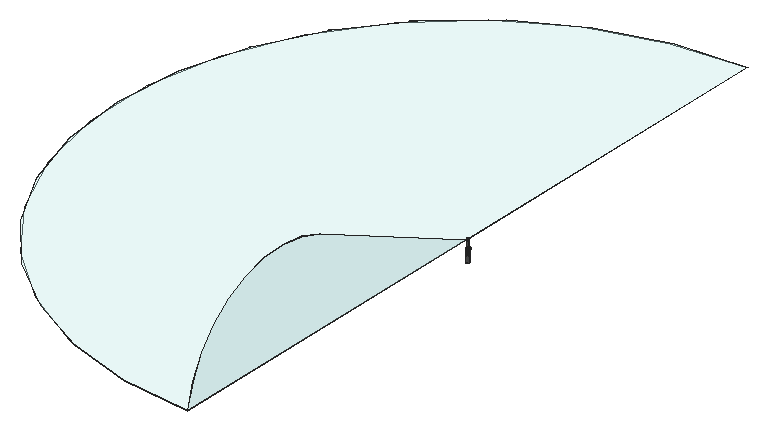
Revit family "Rotor 3500 Series - 3504PCSAM", category Acessórios do tubo, Revit 2020
Family settings
  Cota do conector redondo = Utilizar diâmetro
  Tipo de parte = Normal
  Número OmniClass = 23.60.30.11.14
  Título OmniClass = Pipework Fittings
  Com base no plano de trabalho = Não
  Sempre na vertical = Sim
  Corte com vazios quando carregada = Não
  Compartilhado = Não
Parameters (values of type "Nozzle 0.75")
  Water = Water
  URL = "https://www.rainbird.com/"
  TABLE PRESSURE = "Press."
  TABLE 55 = "TABLE 55psi"
  TABLE 45 = "TABLE 45psi"
  TABLE 35 = "TABLE 35psi"
  TABLE 25 = "TABLE 25psi"
  SupportProjetos: Reviw Date = ""  # constant formula
  SupportProjetos: Reviw = "R00"  # constant formula
  SupportProjetos: Level of Detail = "LOD 300"  # constant formula
  SupportProjetos: Developed = "MICHEL SOARES MOTA"  # constant formula
  SupportProjetos: Creation Date = "06/08/2020"  # constant formula
  Side inlet = no
  Rotation Water Visibility [instance] = Pop up on  # yes
  Rotation Angle [instance] = 180.00°
  RainBird: Product Link = "https://www.rainbird.com/"
  RainBird: Description = "3504PCSAM: 4 Rotor"  # constant formula
  RainBird: Comment [instance] = ""
  RainBird: Code = "Y34500"  # constant formula
  Radius [instance] = if(Instance = 1, size_lookup(TABLE PRESSURE, "Radius75", 0 ft, Pressure), if(Instance = 2, size_lookup(TABLE PRESSURE, "Radius1", 0 ft, Pressure), if(Instance = 3, size_lookup(TABLE PRESSURE, "Radius15", 0 ft, Pressure), if(Instance = 4, size_lookup(TABLE PRESSURE, "Radius2", 0 ft, Pressure), if(Instance = 5, size_lookup(TABLE PRESSURE, "Radius3", 0 ft, Pressure), if(Instance = 6, size_lookup(TABLE PRESSURE, "Radius4", 0 ft, Pressure), 0 ft))))))  # 15 ft
  RT = 0.009893 ft
  RN = 0.032808 ft
  R5 = 0.03937 ft
  R4 = 0.04101 ft
  R3 = 0.065617 ft
  R2 = 0.075407 ft
  R1 = 0.032808 ft
  Pressure [instance] = 25.0 psi
  Pop up height = 0.334646 ft
  Pop up on [instance] = yes
  Modelo = "3504PCSAM"  # constant formula
  Instance = 1
  H1 = Body height / 3  # 0.194663 ft
  Flow [instance] = if(Pressure = 25.0 psi, size_lookup(TABLE 25, "Flow", 0.0 GPM, Radius), if(Pressure = 35.0 psi, size_lookup(TABLE 35, "Flow", 0.0 GPM, Radius), if(Pressure = 45.0 psi, size_lookup(TABLE 45, "Flow", 0.0 GPM, Radius), if(Pressure = 55.0 psi, size_lookup(TABLE 55, "Flow", 0.0 GPM, Radius), 0.0 GPM))))  # 0.54 GPM
  Fabricante = "Rain Bird"
  Elevação padrão = 0 ft
  Descrição = RainBird: Description  # "3504PCSAM: 4 Rotor"
  DD13 = 0.002625 ft
  DD12 = 0.003937 ft
  DD11 = 0.009897 ft
  DD10 = 0.016404 ft
  DD8 [instance] = if(Pop up on, Pop up height, 0 ft)  # 0.334646 ft
  DD7 = 0.019685 ft
  DD6 [instance] = 0.016404 ft
  DD5 = 0.065617 ft
  DD4 = 0.032808 ft
  DD3 = 0.091048 ft
  DD2 [instance] = 0.024514 ft
  DD9 [instance] = if(Pop up on, Pop up height + 0.049541 ft, 0 ft)  # 0.384186 ft
  DD1 = 0.006562 ft
  Conection = 0.062664 ft  # constant formula
  Body height = 0.58399 ft
  Blue = Blue Plastic
  Black Plastic = Black Plastic
  Angle = 25.00°
Types (7, lengths in ft): name | Rotation Angle | Radius | Pressure | Instance | Flow
  (no name) | 180.00° | 15 | 25.0 psi | 1 | 0.54 GPM
  Nozzle 0.75 | 180.00° | 15 | 25.0 psi | 1 | 0.54 GPM
  Nozzle 1.0 | 360.00° | 21 | 35.0 psi | 2 | 0.92 GPM
  Nozzle 1.5 | 360.00° | 23 | 35.0 psi | 3 | 1.28 GPM
  Nozzle 2.0 | 360.00° | 27 | 35.0 psi | 4 | 1.69 GPM
  Nozzle 3.0 | 360.00° | 31 | 35.0 psi | 5 | 2.6 GPM
  Nozzle 4.0 | 360.00° | 33 | 35.0 psi | 6 | 3.58 GPM
Reference planes (ft)
  plane 1 "Centro (Frente/Trás)": y = 0
  plane 2: z = 0
  plane 3 "Centro (Esquerda/Direita)": x = 0
  plane 4: z = 0.003937
  plane 5: z = 0.002625
  plane 6: y = -0.065617
Forms (ft)
  Revolve 1, solid, material "Black Plastic" <- "Black Plastic"
    sketch origin (0, 0, 0) x (1, 0, 0) y (0, 0, 1)
      loop
        line (0.075407, -0.091048) -> (0.075407, -0.035324)
        arc (0.075407, -0.035324) -> (0.072509, -0.028329) -> (0.065514, -0.025431) r 0.009893
        line (0.065514, -0.025431) -> (0.046098, -0.025431) -> (0.046098, 0) -> (0.03937, 0) -> (0.03937, -0.334646) -> (0.019685, -0.334646) -> (0.019685, -0.577428) -> (0.032808, -0.577428) -> (0.032808, -0.58399) -> (0.04101, -0.58399) -> (0.04101, -0.577428) -> (0.055724, -0.577428)
        arc (0.055724, -0.577428) -> (0.062719, -0.57453) -> (0.065617, -0.567535) r 0.009893
        line (0.065617, -0.567535) -> (0.065617, -0.091048) -> (0.075407, -0.091048)
      axis (0, -0.58399) -> (0, 0)
    angle from 0 to 360
  Extrusion 2, solid, material "Black Plastic" <- "Black Plastic"
    sketch origin (0, 0, 0) x (1, 0, 0) y (0, 1, 0)
      loop
        circle (0, 0) r 0.032808
    from -0.334646 to 0.334646
  Extrusion 3, void
    sketch origin (0, 0, 0) x (1, 0, 0) y (0, 1, 0)
      loop
        circle (0, 0) r 0.022844
    from -0.334646 to 0.334646
  Revolve 4, solid, material "Black Plastic" <- "Black Plastic"
    sketch origin (0, 0, 0) x (1, 0, 0) y (0, 0, 1)
      loop
        line (0, 0.334646) -> (0.037004, 0.334646) -> (0.037004, 0.344543)
        arc (0.037004, 0.344543) -> (0.01879, 0.349436) -> (0, 0.35105) r 0.10685
        line (0, 0.35105) -> (0, 0.334646)
      axis (0, 0.334646) -> (0, 0.35105)
    angle from 0 to 360
  Extrusion 5, solid, material "Blue Plastic" <- "Blue"
    sketch origin (0, 0, 0) x (1, 0, 0) y (0, 0, 1)
      loop
        circle (0, 0.310131) r 0.009129
      loop
        circle (0, 0.310131) r 0.004793
    from 0 to 0.034386
  Extrusion 6, void
    sketch origin (0, 0, 0) x (1, 0, 0) y (0, 0, 1)
      loop
        line (-0.02074, 0.328055) -> (-0.02074, 0.282426) -> (0.020672, 0.282426) -> (0.020672, 0.328055) -> (-0.02074, 0.328055)
      loop
        line (-0.018439, 0.325179) -> (-0.018439, 0.285685) -> (0.018179, 0.285685) -> (0.018179, 0.325179) -> (-0.018439, 0.325179)
    from 0.024556 to 0.06931
  Extrusion 7, solid, material "Black Plastic" <- "Black Plastic"
    sketch origin (0, 0, 0) x (1, 0, 0) y (0, 0, 1)
      loop
        line (0.046098, 0) -> (0.046098, -0.036876) -> (0.073493, -0.036876) -> (0.046098, 0)
    from -0.002998 to 0.002998
  Extrusion 8, solid, material "Black Plastic" <- "Black Plastic"
    sketch origin (0, 0, 0) x (-1, 0, 0) y (0, 0, -1)
      loop
        line (0.046098, 0) -> (0.073493, 0.036876) -> (0.046098, 0.036876) -> (0.046098, 0)
    from -0.002998 to 0.002998
  Extrusion 9, solid, material "Black Plastic" <- "Black Plastic"
    sketch origin (0, 0, 0) x (0.866025, 0.5, 0) y (0, 0, 1)
      loop
        line (0.046098, 0) -> (0.046098, -0.036876) -> (0.073493, -0.036876) -> (0.046098, 0)
    from -0.002998 to 0.002998
  Extrusion 10, solid, material "Black Plastic" <- "Black Plastic"
    sketch origin (0, 0, 0) x (-0.866025, -0.5, 0) y (0, 0, -1)
      loop
        line (0.046098, 0) -> (0.073493, 0.036876) -> (0.046098, 0.036876) -> (0.046098, 0)
    from -0.002998 to 0.002998
  Extrusion 11, solid, material "Black Plastic" <- "Black Plastic"
    sketch origin (0, 0, 0) x (0, 1, 0) y (0, 0, 1)
      loop
        line (0.046098, 0) -> (0.046098, -0.036876) -> (0.073493, -0.036876) -> (0.046098, 0)
    from -0.002998 to 0.002998
  Extrusion 12, solid, material "Black Plastic" <- "Black Plastic"
    sketch origin (0, 0, 0) x (0, -1, 0) y (0, 0, -1)
      loop
        line (0.046098, 0) -> (0.073493, 0.036876) -> (0.046098, 0.036876) -> (0.046098, 0)
    from -0.002998 to 0.002998
  Extrusion 13, solid, material "Black Plastic" <- "Black Plastic"
    sketch origin (0, 0, 0) x (0.5, 0.866025, 0) y (0, 0, 1)
      loop
        line (0.046098, 0) -> (0.046098, -0.036876) -> (0.073493, -0.036876) -> (0.046098, 0)
    from -0.002998 to 0.002998
  Extrusion 14, solid, material "Black Plastic" <- "Black Plastic"
    sketch origin (0, 0, 0) x (-0.5, -0.866025, 0) y (0, 0, -1)
      loop
        line (0.046098, 0) -> (0.073493, 0.036876) -> (0.046098, 0.036876) -> (0.046098, 0)
    from -0.002998 to 0.002998
  Extrusion 15, solid, material "Black Plastic" <- "Black Plastic"
    sketch origin (0, 0, 0) x (-0.5, 0.866025, 0) y (0, 0, 1)
      loop
        line (0.046098, 0) -> (0.046098, -0.036876) -> (0.073493, -0.036876) -> (0.046098, 0)
    from -0.002998 to 0.002998
  Extrusion 16, solid, material "Black Plastic" <- "Black Plastic"
    sketch origin (0, 0, 0) x (0.5, -0.866025, 0) y (0, 0, -1)
      loop
        line (0.046098, 0) -> (0.073493, 0.036876) -> (0.046098, 0.036876) -> (0.046098, 0)
    from -0.002998 to 0.002998
  Extrusion 17, solid, material "Black Plastic" <- "Black Plastic"
    sketch origin (0, 0, 0) x (-0.866025, 0.5, 0) y (0, 0, 1)
      loop
        line (0.046098, 0) -> (0.046098, -0.036876) -> (0.073493, -0.036876) -> (0.046098, 0)
    from -0.002998 to 0.002998
  Extrusion 18, solid, material "Black Plastic" <- "Black Plastic"
    sketch origin (0, 0, 0) x (0.866025, -0.5, 0) y (0, 0, -1)
      loop
        line (0.046098, 0) -> (0.073493, 0.036876) -> (0.046098, 0.036876) -> (0.046098, 0)
    from -0.002998 to 0.002998
  Extrusion 19, void
    sketch origin (0, 0, 0) x (1, 0, 0) y (0, 1, 0)
      loop
        line (-0.002998, 0.077702) -> (-0.002998, 0.071655) -> (0.002998, 0.071655) -> (0.002998, 0.077702) -> (-0.002998, 0.077702)
    from -0.091048 to 0.82021
  Extrusion 20, void
    sketch origin (0, 0, 0) x (1, 0, 0) y (0, 1, 0)
      loop
        line (0.002998, -0.077702) -> (0.002998, -0.071655) -> (-0.002998, -0.071655) -> (-0.002998, -0.077702) -> (0.002998, -0.077702)
    from -0.091048 to 0.82021
  Extrusion 21, void
    sketch origin (0, 0, 0) x (0.965926, 0.258819, 0) y (-0.258819, 0.965926, 0)
      loop
        line (-0.002998, 0.077702) -> (-0.002998, 0.071655) -> (0.002998, 0.071655) -> (0.002998, 0.077702) -> (-0.002998, 0.077702)
    from -0.091048 to 0.82021
  Extrusion 22, void
    sketch origin (0, 0, 0) x (0.965926, 0.258819, 0) y (-0.258819, 0.965926, 0)
      loop
        line (0.002998, -0.077702) -> (0.002998, -0.071655) -> (-0.002998, -0.071655) -> (-0.002998, -0.077702) -> (0.002998, -0.077702)
    from -0.091048 to 0.82021
  Extrusion 23, void
    sketch origin (0, 0, 0) x (0.866025, 0.5, 0) y (-0.5, 0.866025, 0)
      loop
        line (-0.002998, 0.077702) -> (-0.002998, 0.071655) -> (0.002998, 0.071655) -> (0.002998, 0.077702) -> (-0.002998, 0.077702)
    from -0.091048 to 0.82021
  Extrusion 24, void
    sketch origin (0, 0, 0) x (0.866025, 0.5, 0) y (-0.5, 0.866025, 0)
      loop
        line (0.002998, -0.077702) -> (0.002998, -0.071655) -> (-0.002998, -0.071655) -> (-0.002998, -0.077702) -> (0.002998, -0.077702)
    from -0.091048 to 0.82021
  Extrusion 25, void
    sketch origin (0, 0, 0) x (0.5, 0.866025, 0) y (-0.866025, 0.5, 0)
      loop
        line (-0.002998, 0.077702) -> (-0.002998, 0.071655) -> (0.002998, 0.071655) -> (0.002998, 0.077702) -> (-0.002998, 0.077702)
    from -0.091048 to 0.82021
  Extrusion 26, void
    sketch origin (0, 0, 0) x (0.5, 0.866025, 0) y (-0.866025, 0.5, 0)
      loop
        line (0.002998, -0.077702) -> (0.002998, -0.071655) -> (-0.002998, -0.071655) -> (-0.002998, -0.077702) -> (0.002998, -0.077702)
    from -0.091048 to 0.82021
  Extrusion 27, void
    sketch origin (0, 0, 0) x (0.707107, 0.707107, 0) y (-0.707107, 0.707107, 0)
      loop
        line (-0.002998, 0.077702) -> (-0.002998, 0.071655) -> (0.002998, 0.071655) -> (0.002998, 0.077702) -> (-0.002998, 0.077702)
    from -0.091048 to 0.82021
  Extrusion 28, void
    sketch origin (0, 0, 0) x (0.707107, 0.707107, 0) y (-0.707107, 0.707107, 0)
      loop
        line (0.002998, -0.077702) -> (0.002998, -0.071655) -> (-0.002998, -0.071655) -> (-0.002998, -0.077702) -> (0.002998, -0.077702)
    from -0.091048 to 0.82021
  Extrusion 29, void
    sketch origin (0, 0, 0) x (0.258819, 0.965926, 0) y (-0.965926, 0.258819, 0)
      loop
        line (-0.002998, 0.077702) -> (-0.002998, 0.071655) -> (0.002998, 0.071655) -> (0.002998, 0.077702) -> (-0.002998, 0.077702)
    from -0.091048 to 0.82021
  Extrusion 30, void
    sketch origin (0, 0, 0) x (0.258819, 0.965926, 0) y (-0.965926, 0.258819, 0)
      loop
        line (0.002998, -0.077702) -> (0.002998, -0.071655) -> (-0.002998, -0.071655) -> (-0.002998, -0.077702) -> (0.002998, -0.077702)
    from -0.091048 to 0.82021
  Extrusion 31, void
    sketch origin (0, 0, 0) x (0, 1, 0) y (-1, 0, 0)
      loop
        line (-0.002998, 0.077702) -> (-0.002998, 0.071655) -> (0.002998, 0.071655) -> (0.002998, 0.077702) -> (-0.002998, 0.077702)
    from -0.091048 to 0.82021
  Extrusion 32, void
    sketch origin (0, 0, 0) x (0, 1, 0) y (-1, 0, 0)
      loop
        line (0.002998, -0.077702) -> (0.002998, -0.071655) -> (-0.002998, -0.071655) -> (-0.002998, -0.077702) -> (0.002998, -0.077702)
    from -0.091048 to 0.82021
  Extrusion 33, void
    sketch origin (0, 0, 0) x (-0.258819, 0.965926, 0) y (-0.965926, -0.258819, 0)
      loop
        line (-0.002998, 0.077702) -> (-0.002998, 0.071655) -> (0.002998, 0.071655) -> (0.002998, 0.077702) -> (-0.002998, 0.077702)
    from -0.091048 to 0.82021
  Extrusion 34, void
    sketch origin (0, 0, 0) x (-0.258819, 0.965926, 0) y (-0.965926, -0.258819, 0)
      loop
        line (0.002998, -0.077702) -> (0.002998, -0.071655) -> (-0.002998, -0.071655) -> (-0.002998, -0.077702) -> (0.002998, -0.077702)
    from -0.091048 to 0.82021
  Extrusion 35, void
    sketch origin (0, 0, 0) x (-0.5, 0.866025, 0) y (-0.866025, -0.5, 0)
      loop
        line (-0.002998, 0.077702) -> (-0.002998, 0.071655) -> (0.002998, 0.071655) -> (0.002998, 0.077702) -> (-0.002998, 0.077702)
    from -0.091048 to 0.82021
  Extrusion 36, void
    sketch origin (0, 0, 0) x (-0.5, 0.866025, 0) y (-0.866025, -0.5, 0)
      loop
        line (0.002998, -0.077702) -> (0.002998, -0.071655) -> (-0.002998, -0.071655) -> (-0.002998, -0.077702) -> (0.002998, -0.077702)
    from -0.091048 to 0.82021
  Extrusion 37, void
    sketch origin (0, 0, 0) x (-0.707107, 0.707107, 0) y (-0.707107, -0.707107, 0)
      loop
        line (-0.002998, 0.077702) -> (-0.002998, 0.071655) -> (0.002998, 0.071655) -> (0.002998, 0.077702) -> (-0.002998, 0.077702)
    from -0.091048 to 0.82021
  Extrusion 38, void
    sketch origin (0, 0, 0) x (-0.707107, 0.707107, 0) y (-0.707107, -0.707107, 0)
      loop
        line (0.002998, -0.077702) -> (0.002998, -0.071655) -> (-0.002998, -0.071655) -> (-0.002998, -0.077702) -> (0.002998, -0.077702)
    from -0.091048 to 0.82021
  Extrusion 39, void
    sketch origin (0, 0, 0) x (-0.866025, 0.5, 0) y (-0.5, -0.866025, 0)
      loop
        line (-0.002998, 0.077702) -> (-0.002998, 0.071655) -> (0.002998, 0.071655) -> (0.002998, 0.077702) -> (-0.002998, 0.077702)
    from -0.091048 to 0.82021
  Extrusion 40, void
    sketch origin (0, 0, 0) x (-0.866025, 0.5, 0) y (-0.5, -0.866025, 0)
      loop
        line (0.002998, -0.077702) -> (0.002998, -0.071655) -> (-0.002998, -0.071655) -> (-0.002998, -0.077702) -> (0.002998, -0.077702)
    from -0.091048 to 0.82021
  Extrusion 41, void
    sketch origin (0, 0, 0) x (-0.965926, 0.258819, 0) y (-0.258819, -0.965926, 0)
      loop
        line (-0.002998, 0.077702) -> (-0.002998, 0.071655) -> (0.002998, 0.071655) -> (0.002998, 0.077702) -> (-0.002998, 0.077702)
    from -0.091048 to 0.82021
  Extrusion 42, void
    sketch origin (0, 0, 0) x (-0.965926, 0.258819, 0) y (-0.258819, -0.965926, 0)
      loop
        line (0.002998, -0.077702) -> (0.002998, -0.071655) -> (-0.002998, -0.071655) -> (-0.002998, -0.077702) -> (0.002998, -0.077702)
    from -0.091048 to 0.82021
  Extrusion 43, solid, material "Water" <- "Water", visible <- "Rotation Water Visibility"
    sketch origin (0, 0, 0) x (0, 1, 0) y (0, 0, 1)
      loop
        line (-0.032808, 0.310131) -> (-7.934519, 3.994759)
        arc (-7.934519, 3.994759) -> (-12.390858, 3.90012) -> (-15.032808, 0.310131) r 5.044915
        line (-15.032808, 0.310131) -> (-0.032808, 0.310131)
    from -0.008202 to 0.008202
Cuts and joins
  Extrusion 3, Extrusion 6 cuts Extrusion 2
  Extrusion 19, Extrusion 20, Extrusion 21, Extrusion 22, Extrusion 23, Extrusion 24, Extrusion 25, Extrusion 26, Extrusion 27, Extrusion 28, Extrusion 29, Extrusion 30, Extrusion 31, Extrusion 32, Extrusion 33, Extrusion 34, Extrusion 35, Extrusion 36, Extrusion 37, Extrusion 38, Extrusion 39, Extrusion 40, Extrusion 41, Extrusion 42 cuts Revolve 1
Dimensions and locks (ft)
  "Body height": level to Revolve 1 sketch curve
  "R2": Revolve 1 sketch curve to plane 3 "Centro (Esquerda/Direita)"
  "DD1": Revolve 1 sketch curve to Revolve 1 sketch curve
  "DD3": level to Revolve 1 sketch curve
  Revolve 1 sketch curve to plane 3 "Centro (Esquerda/Direita)" = 0.065617 ft
  "R4": Revolve 1 sketch curve to plane 3 "Centro (Esquerda/Direita)"
  "RN": Revolve 1 sketch curve to plane 3 "Centro (Esquerda/Direita)"
  "Pop up height": level to Revolve 1 sketch curve
  "R5": plane 3 "Centro (Esquerda/Direita)" to Revolve 1 sketch curve
  "DD7": Revolve 1 sketch curve to plane 3 "Centro (Esquerda/Direita)"
  "DD8": Extrusion 2 to level
  "DD12": plane 4 to level
  "DD13": plane 5 to level
  "R3": plane 6 to plane 1 "Centro (Frente/Trás)"
  "DD5": Revolve 1 sketch curve to Revolve 1 sketch curve
  "DD10": Revolve 4 sketch curve to Revolve 4 sketch curve
  "DD11": Revolve 4 sketch curve to Revolve 4 sketch curve
  "DD2": Revolve 4 to Extrusion 5 sketch curve  (x2)
  Extrusion 7 to plane 3 "Centro (Esquerda/Direita)" = 0.046098 ft
  equal spacing: Extrusion 7, plane 1 "Centro (Frente/Trás)", Extrusion 7
  Extrusion 8 to Extrusion 8 = 0.005995 ft
  Extrusion 9 to Extrusion 9 = 0.005995 ft
  Extrusion 20 sketch curve to Extrusion 20 sketch curve = 0.005995 ft
  Extrusion 22 sketch curve to Extrusion 22 sketch curve = 0.005995 ft
  Extrusion 24 sketch curve to Extrusion 24 sketch curve = 0.005995 ft
  Extrusion 26 sketch curve to Extrusion 26 sketch curve = 0.005995 ft
  Extrusion 28 sketch curve to Extrusion 28 sketch curve = 0.005995 ft
  Extrusion 30 sketch curve to Extrusion 30 sketch curve = 0.005995 ft
  Extrusion 32 sketch curve to Extrusion 32 sketch curve = 0.005995 ft
  Extrusion 34 sketch curve to Extrusion 34 sketch curve = 0.005995 ft
  Extrusion 36 sketch curve to Extrusion 36 sketch curve = 0.005995 ft
  Extrusion 38 sketch curve to Extrusion 38 sketch curve = 0.005995 ft
  Extrusion 40 sketch curve to Extrusion 40 sketch curve = 0.005995 ft
  Extrusion 42 sketch curve to Extrusion 42 sketch curve = 0.005995 ft
  "DD4": plane 1 "Centro (Frente/Trás)" to Extrusion 43 sketch curve
  "DD2": Revolve 4 to Extrusion 43 sketch curve
  "Radius": Extrusion 43 sketch curve to Extrusion 43 sketch curve
  equal spacing: Extrusion 43, plane 3 "Centro (Esquerda/Direita)", Extrusion 43
  "DD6": Extrusion 43 to Extrusion 43
  "DD2": Revolve 4 to nested 1
  "RT": radius of Revolve 1 sketch curve  (x2)
  "R1": radius of Extrusion 2 sketch curve
  "Angle": angle Extrusion 43 sketch curve to Extrusion 43 sketch curve
  aligned and locked: level to plane 2
  aligned and locked: Revolve 1 sketch curve to Revolve 1 sketch curve
  aligned and locked: Extrusion 2 to Revolve 1
  aligned and locked: cut or joined group of Extrusion 2, Extrusion 3, Extrusion 6 to cut or joined group of Extrusion 2, Extrusion 3, Extrusion 6  (x2)
  aligned and locked: Revolve 4 sketch curve to cut or joined group of Extrusion 2, Extrusion 3, Extrusion 6
  aligned and locked: Extrusion 20 to Revolve 1
  aligned and locked: Extrusion 22 to Revolve 1
  aligned and locked: Extrusion 24 to Revolve 1
  aligned and locked: Extrusion 28 to Revolve 1
  aligned and locked: Extrusion 26 to Revolve 1
  aligned and locked: Extrusion 30 to Revolve 1
  aligned and locked: Extrusion 32 to Revolve 1
  aligned and locked: Extrusion 34 to Revolve 1
  aligned and locked: Revolve 1 to Extrusion 36
  aligned and locked: Revolve 1 to Extrusion 38
  aligned and locked: Extrusion 41 to Revolve 1
  aligned and locked: Extrusion 39 to Revolve 1
  aligned and locked: Extrusion 37 to Revolve 1
  aligned and locked: Extrusion 35 to Revolve 1
  aligned and locked: Extrusion 33 to Revolve 1
  aligned and locked: Extrusion 31 to Revolve 1
  aligned and locked: Extrusion 29 to Revolve 1
  aligned and locked: Revolve 1 to Extrusion 25
  aligned and locked: Revolve 1 to Extrusion 27
  aligned and locked: Revolve 1 to Extrusion 19
  aligned and locked: Revolve 1 to Extrusion 21
  aligned and locked: Revolve 1 to Extrusion 42
  aligned and locked: Revolve 1 to Extrusion 40
  aligned and locked: Revolve 1 to Extrusion 23
Automatic sketch dimensions
  plane 1 "Centro (Frente/Trás)" to Extrusion 2 sketch curve = 0 ft
  Extrusion 2 sketch curve to plane 3 "Centro (Esquerda/Direita)" = 0 ft
  plane 1 "Centro (Frente/Trás)" to Extrusion 3 sketch curve = 0 ft
  Extrusion 3 sketch curve to plane 3 "Centro (Esquerda/Direita)" = 0 ft
  Revolve 4 sketch curve to plane 3 "Centro (Esquerda/Direita)" = 0 ft  (x2)
  plane 3 "Centro (Esquerda/Direita)" to Revolve 4 sketch curve = 0.000284 ft
  plane 3 "Centro (Esquerda/Direita)" to Revolve 4 sketch curve = 0.037004 ft
  Revolve 4 sketch curve to Revolve 4 sketch curve = 0.015719 ft
  Revolve 4 sketch curve to Revolve 4 sketch curve = 0.114829 ft
  Extrusion 5 sketch curve to Extrusion 5 sketch curve = 0 ft
  Extrusion 5 sketch curve to plane 3 "Centro (Esquerda/Direita)" = 0 ft
  Extrusion 6 sketch curve to plane 3 "Centro (Esquerda/Direita)" = 0.02074 ft
  Extrusion 6 sketch curve to Extrusion 6 sketch curve = 0.002301 ft
  plane 3 "Centro (Esquerda/Direita)" to Extrusion 6 sketch curve = 0.018179 ft
  Extrusion 6 sketch curve to Extrusion 6 sketch curve = 0.002492 ft
  plane 4 to Extrusion 6 sketch curve = 0.278489 ft
  Extrusion 6 sketch curve to Extrusion 6 sketch curve = 0.003259 ft
  Extrusion 6 sketch curve to Extrusion 6 sketch curve = 0.039494 ft
  Extrusion 6 sketch curve to Extrusion 6 sketch curve = 0.002876 ft
  Extrusion 7 sketch curve to level = 0 ft
  plane 3 "Centro (Esquerda/Direita)" to Extrusion 7 sketch curve = 0.046098 ft
  Extrusion 7 sketch curve to Extrusion 7 sketch curve = 0.027396 ft
  Extrusion 7 sketch curve to Extrusion 7 sketch curve = 0.036876 ft
  Extrusion 8 sketch curve to level = 0 ft
  plane 3 "Centro (Esquerda/Direita)" to Extrusion 8 sketch curve = 0.046098 ft
  Extrusion 8 sketch curve to Extrusion 8 sketch curve = 0.027396 ft
  Extrusion 8 sketch curve to Extrusion 8 sketch curve = 0.036876 ft
  Extrusion 9 sketch curve to level = 0 ft
  Extrusion 9 sketch curve to level = 0.036876 ft
  Extrusion 9 sketch curve to Extrusion 9 sketch curve = 0.027396 ft
  Extrusion 10 sketch curve to level = 0 ft
  Extrusion 10 sketch curve to level = 0.036876 ft
  Extrusion 10 sketch curve to Extrusion 10 sketch curve = 0.027396 ft
  Extrusion 11 sketch curve to level = 0 ft
  Extrusion 11 sketch curve to plane 1 "Centro (Frente/Trás)" = 0.046098 ft
  Extrusion 11 sketch curve to Extrusion 11 sketch curve = 0.027396 ft
  Extrusion 11 sketch curve to Extrusion 11 sketch curve = 0.036876 ft
  Extrusion 12 sketch curve to level = 0 ft
  plane 6 to Extrusion 12 sketch curve = 0.019519 ft
  Extrusion 12 sketch curve to plane 6 = 0.007877 ft
  Extrusion 12 sketch curve to level = 0.036876 ft
  Extrusion 13 sketch curve to level = 0 ft
  Extrusion 13 sketch curve to level = 0.036876 ft
  Extrusion 13 sketch curve to Extrusion 13 sketch curve = 0.027396 ft
  Extrusion 14 sketch curve to level = 0 ft
  Extrusion 14 sketch curve to level = 0.036876 ft
  Extrusion 14 sketch curve to Extrusion 14 sketch curve = 0.027396 ft
  level to Extrusion 15 sketch curve = 0 ft
  Extrusion 15 sketch curve to level = 0.036876 ft
  Extrusion 15 sketch curve to Extrusion 15 sketch curve = 0.027396 ft
  level to Extrusion 16 sketch curve = 0 ft
  Extrusion 16 sketch curve to level = 0.036876 ft
  Extrusion 16 sketch curve to Extrusion 16 sketch curve = 0.027396 ft
  level to Extrusion 17 sketch curve = 0 ft
  Extrusion 17 sketch curve to level = 0.036876 ft
  Extrusion 17 sketch curve to Extrusion 17 sketch curve = 0.027396 ft
  level to Extrusion 18 sketch curve = 0 ft
  Extrusion 18 sketch curve to level = 0.036876 ft
  Extrusion 18 sketch curve to Extrusion 18 sketch curve = 0.027396 ft
  Extrusion 19 sketch curve to plane 3 "Centro (Esquerda/Direita)" = 0.002998 ft
  Extrusion 19 sketch curve to plane 1 "Centro (Frente/Trás)" = 0.071655 ft
  Extrusion 19 sketch curve to Extrusion 19 sketch curve = 0.006047 ft
  plane 3 "Centro (Esquerda/Direita)" to Extrusion 20 sketch curve = 0.002998 ft
  plane 6 to Extrusion 20 sketch curve = 0.006038 ft
  Extrusion 20 sketch curve to Extrusion 20 sketch curve = 0.006047 ft
  plane 3 "Centro (Esquerda/Direita)" to Extrusion 19 sketch curve = 0.002998 ft
  Extrusion 21 sketch curve to plane 3 "Centro (Esquerda/Direita)" = 0.021441 ft
  Extrusion 21 sketch curve to plane 1 "Centro (Frente/Trás)" = 0.068438 ft
  Extrusion 21 sketch curve to Extrusion 21 sketch curve = 0.005995 ft
  Extrusion 21 sketch curve to Extrusion 21 sketch curve = 0.006047 ft
  Extrusion 22 sketch curve to plane 6 = 0.010213 ft
  plane 3 "Centro (Esquerda/Direita)" to Extrusion 22 sketch curve = 0.017215 ft
  Extrusion 22 sketch curve to Extrusion 22 sketch curve = 0.006047 ft
  Extrusion 23 sketch curve to plane 3 "Centro (Esquerda/Direita)" = 0.038424 ft
  Extrusion 23 sketch curve to plane 1 "Centro (Frente/Trás)" = 0.060556 ft
  Extrusion 23 sketch curve to Extrusion 23 sketch curve = 0.005995 ft
  Extrusion 23 sketch curve to Extrusion 23 sketch curve = 0.006047 ft
  Extrusion 24 sketch curve to plane 6 = 0.003174 ft
  plane 3 "Centro (Esquerda/Direita)" to Extrusion 24 sketch curve = 0.036255 ft
  Extrusion 24 sketch curve to Extrusion 24 sketch curve = 0.006047 ft
  Extrusion 25 sketch curve to plane 1 "Centro (Frente/Trás)" = 0.033231 ft
  Extrusion 25 sketch curve to plane 3 "Centro (Esquerda/Direita)" = 0.063554 ft
  Extrusion 25 sketch curve to Extrusion 25 sketch curve = 0.005995 ft
  Extrusion 25 sketch curve to Extrusion 25 sketch curve = 0.006047 ft
  Extrusion 26 sketch curve to plane 6 = 0.02417 ft
  Extrusion 26 sketch curve to plane 3 "Centro (Esquerda/Direita)" = 0.065793 ft
  Extrusion 26 sketch curve to Extrusion 26 sketch curve = 0.006047 ft
  Extrusion 27 sketch curve to plane 1 "Centro (Frente/Trás)" = 0.048548 ft
  Extrusion 27 sketch curve to plane 3 "Centro (Esquerda/Direita)" = 0.052787 ft
  Extrusion 27 sketch curve to Extrusion 27 sketch curve = 0.005995 ft
  Extrusion 27 sketch curve to Extrusion 27 sketch curve = 0.006047 ft
  plane 6 to Extrusion 28 sketch curve = 0.008554 ft
  plane 3 "Centro (Esquerda/Direita)" to Extrusion 28 sketch curve = 0.052824 ft
  Extrusion 28 sketch curve to Extrusion 28 sketch curve = 0.006047 ft
  Extrusion 29 sketch curve to plane 1 "Centro (Frente/Trás)" = 0.01565 ft
  Extrusion 29 sketch curve to plane 3 "Centro (Esquerda/Direita)" = 0.069989 ft
  Extrusion 29 sketch curve to Extrusion 29 sketch curve = 0.005995 ft
  Extrusion 29 sketch curve to Extrusion 29 sketch curve = 0.006047 ft
  plane 1 "Centro (Frente/Trás)" to Extrusion 30 sketch curve = 0.023006 ft
  plane 3 "Centro (Esquerda/Direita)" to Extrusion 30 sketch curve = 0.074278 ft
  Extrusion 30 sketch curve to Extrusion 30 sketch curve = 0.006047 ft
  plane 1 "Centro (Frente/Trás)" to Extrusion 31 sketch curve = 0.002998 ft
  Extrusion 31 sketch curve to plane 1 "Centro (Frente/Trás)" = 0.002998 ft
  Extrusion 31 sketch curve to plane 3 "Centro (Esquerda/Direita)" = 0.071655 ft
  Extrusion 31 sketch curve to Extrusion 31 sketch curve = 0.006047 ft
  plane 1 "Centro (Frente/Trás)" to Extrusion 32 sketch curve = 0.002998 ft
  plane 3 "Centro (Esquerda/Direita)" to Extrusion 32 sketch curve = 0.077702 ft
  Extrusion 32 sketch curve to Extrusion 32 sketch curve = 0.006047 ft
  plane 1 "Centro (Frente/Trás)" to Extrusion 33 sketch curve = 0.021441 ft
  Extrusion 33 sketch curve to plane 3 "Centro (Esquerda/Direita)" = 0.068438 ft
  Extrusion 33 sketch curve to Extrusion 33 sketch curve = 0.005995 ft
  Extrusion 33 sketch curve to Extrusion 33 sketch curve = 0.006047 ft
  Extrusion 34 sketch curve to plane 1 "Centro (Frente/Trás)" = 0.017215 ft
  plane 3 "Centro (Esquerda/Direita)" to Extrusion 34 sketch curve = 0.07583 ft
  Extrusion 34 sketch curve to Extrusion 34 sketch curve = 0.006047 ft
  plane 6 to Extrusion 35 sketch curve = 0.027193 ft
  Extrusion 35 sketch curve to plane 3 "Centro (Esquerda/Direita)" = 0.060556 ft
  Extrusion 35 sketch curve to Extrusion 35 sketch curve = 0.005995 ft
  Extrusion 35 sketch curve to Extrusion 35 sketch curve = 0.006047 ft
  Extrusion 36 sketch curve to plane 1 "Centro (Frente/Trás)" = 0.036255 ft
  plane 3 "Centro (Esquerda/Direita)" to Extrusion 36 sketch curve = 0.068791 ft
  Extrusion 36 sketch curve to Extrusion 36 sketch curve = 0.006047 ft
  plane 6 to Extrusion 37 sketch curve = 0.012829 ft
  Extrusion 37 sketch curve to plane 3 "Centro (Esquerda/Direita)" = 0.048548 ft
  Extrusion 37 sketch curve to Extrusion 37 sketch curve = 0.005995 ft
  Extrusion 37 sketch curve to Extrusion 37 sketch curve = 0.006047 ft
  Extrusion 38 sketch curve to plane 1 "Centro (Frente/Trás)" = 0.052824 ft
  plane 3 "Centro (Esquerda/Direita)" to Extrusion 38 sketch curve = 0.057063 ft
  Extrusion 38 sketch curve to Extrusion 38 sketch curve = 0.006047 ft
  plane 6 to Extrusion 39 sketch curve = 0.002063 ft
  Extrusion 39 sketch curve to plane 3 "Centro (Esquerda/Direita)" = 0.033231 ft
  Extrusion 39 sketch curve to Extrusion 39 sketch curve = 0.005995 ft
  Extrusion 39 sketch curve to Extrusion 39 sketch curve = 0.006047 ft
  plane 3 "Centro (Esquerda/Direita)" to Extrusion 40 sketch curve = 0.041447 ft
  Extrusion 40 sketch curve to plane 1 "Centro (Frente/Trás)" = 0.065793 ft
  Extrusion 40 sketch curve to Extrusion 40 sketch curve = 0.006047 ft
  Extrusion 41 sketch curve to plane 6 = 0.004372 ft
  Extrusion 41 sketch curve to plane 3 "Centro (Esquerda/Direita)" = 0.01565 ft
  Extrusion 41 sketch curve to Extrusion 41 sketch curve = 0.005995 ft
  Extrusion 41 sketch curve to Extrusion 41 sketch curve = 0.006047 ft
  plane 3 "Centro (Esquerda/Direita)" to Extrusion 42 sketch curve = 0.023006 ft
  Extrusion 42 sketch curve to plane 1 "Centro (Frente/Trás)" = 0.074278 ft
  Extrusion 42 sketch curve to Extrusion 42 sketch curve = 0.006047 ft
  Revolve 1 sketch curve to plane 3 "Centro (Esquerda/Direita)" = 0 ft
  Revolve 1 sketch curve to level = 0 ft
  Revolve 1 sketch curve to Revolve 1 sketch curve = 0.019416 ft
  plane 4 to Revolve 1 sketch curve = 0.079347 ft
  Revolve 1 sketch curve to Revolve 1 sketch curve = 0.918635 ft
  Extrusion 43 sketch curve to level = 0.577487 ft
  radius of Extrusion 3 sketch curve = 0.022844 ft
  radius of Extrusion 5 sketch curve = 0.009129 ft
  radius of Extrusion 5 sketch curve = 0.004793 ft
Nested families (ft)
  nested 1: "Water" at (-0.000277, 0, 0.190873) x (0, -1, 0) z (0, 0, 1), DT9 <- "DD4", Radius <- "Radius", visible <- "Rotation Water Visibility", Rotation Angle <- "Rotation Angle", type "Water"
    with Rotation Angle 180.00°, Radius 15 ft, DT9 0.032808 ft, DT8 0 ft, DT7 60 ft, DT4 75 ft, Angle 2 180.00°
Connectors (ft)
  piping at (0, 0, -0.58399), diameter 2
    settings: on cut or joined group of Revolve 1, Extrusion 19, Extrusion 20, Extrusion 21, Extrusion 22, Extrusion 23, Extrusion 24, Extrusion 25, Extrusion 26, Extrusion 27, Extrusion 28, Extrusion 29, Extrusion 30, Extrusion 31, Extrusion 32, Extrusion 33, Extrusion 34, Extrusion 35, Extrusion 36, Extrusion 37, Extrusion 38, Extrusion 39, Extrusion 40, Extrusion 41, Extrusion 42, index 1, connector inside diameter 609.6 mm, connector length 0 ft, flow factor 0, pipe flow 0.0 GPM, pressure drop 0.0 psi, fitting loss kfactor 0, connector angle 0.00°, fixture units 0, engagement length 0 ft, angle of deflection 0.00°, flow configuration 0, flow direction 0, fitting loss method 0, system type 28, joint type 0, gender type 0, connector reference index -1, connector utility 0, adjustable connector no, is connector primary yes, connector description ""
Definition of nested family "Water"
  Parameters (values of type "Water")
    Water Visibility (Circle) = yes
    Water = none
    URL = ""
    SupportProjetos: Reviw Date = ""  # constant formula
    SupportProjetos: Level of Detail = "LOD 300"  # constant formula
    SupportProjetos: Developed = "MICHEL SOARES MOTA"  # constant formula
    SupportProjetos: Creation Date = "16/07/2020"  # constant formula
    Rotation Angle [instance] = 90.00°
    Reviw = "R00"  # constant formula
    Radius [instance] = 14 ft
    Model = ""
    Default Elevation = 4 ft
    Description = ""
    DT9 [instance] = 0.032808 ft
    DT8 [instance] = if(Rotation Angle = 360.00°, 10 ft, 0 ft)  # 0 ft
    DT7 [instance] = 4 * Radius  # 56 ft
    DT4 [instance] = 5 * Radius  # 70 ft
    DT2 = 0.098425 ft  # constant formula
    DT6 = 0 ft
    Angle 2 [instance] = if(Rotation Angle = 360.00°, 180.00°, 360.00° - Rotation Angle)  # 270.00°
  Reference planes (ft)
    plane 1 "Centro (Frente/Trás)": y = 0
    plane 2: z = 0
    plane 3 "Centro (Esquerda/Direita)": x = 0
  Forms (ft)
    Revolve 1, solid, material <- "Water", visible <- "Water Visibility (Circle)"
      sketch origin (0, 0, 0) x (1, 0, 0) y (0, 0, 1)
        loop
          line (0.032808, 0.098425) -> (14.032808, 0.098425) -> (14.032808, 0.119259) -> (0.032808, 0.119259) -> (0.032808, 0.098425)
        axis (0, 0.098425) -> (0, 0.119259)
      angle from 0 to 360
    Extrusion 2, void
      sketch origin (0, 0, 0) x (1, 0, 0) y (0, 1, 0)
        loop
          line (0, 0) -> (70, 0) -> (70, 56)
          arc (70, 56) -> (-70.459018, 51.588344) -> (0, -70) r 81.847109
          line (0, -70) -> (0, 0)
      from 0 to 15.189231
  Cuts and joins
    Extrusion 2 cuts Revolve 1
  Dimensions and locks (ft)
    "DT2": Revolve 1 sketch curve to level
    "DT4": Extrusion 2 sketch curve to Extrusion 2 sketch curve  (x2)
    "DT6": Extrusion 2 sketch curve to plane 3 "Centro (Esquerda/Direita)"
    "DT7": Extrusion 2 sketch curve to Extrusion 2 sketch curve
    "DT8": cut or joined group of Revolve 1, Extrusion 2 to level
    "Radius": Revolve 1 sketch curve to Revolve 1 sketch curve
    "DT9": Revolve 1 sketch curve to plane 3 "Centro (Esquerda/Direita)"
    "Angle 2": angle Extrusion 2 sketch curve to Extrusion 2 sketch curve
    aligned and locked: level to plane 2
    aligned and locked: plane 1 "Centro (Frente/Trás)" to Extrusion 2 sketch curve
  Automatic sketch dimensions
    plane 3 "Centro (Esquerda/Direita)" to Extrusion 2 sketch curve = 1.088227 ft
    Revolve 1 sketch curve to plane 3 "Centro (Esquerda/Direita)" = 0 ft
    Revolve 1 sketch curve to Revolve 1 sketch curve = 0.020833 ft
    Revolve 1 sketch curve to Revolve 1 sketch curve = 0.032113 ft
    Revolve 1 sketch curve to Revolve 1 sketch curve = 10.2693 ft
